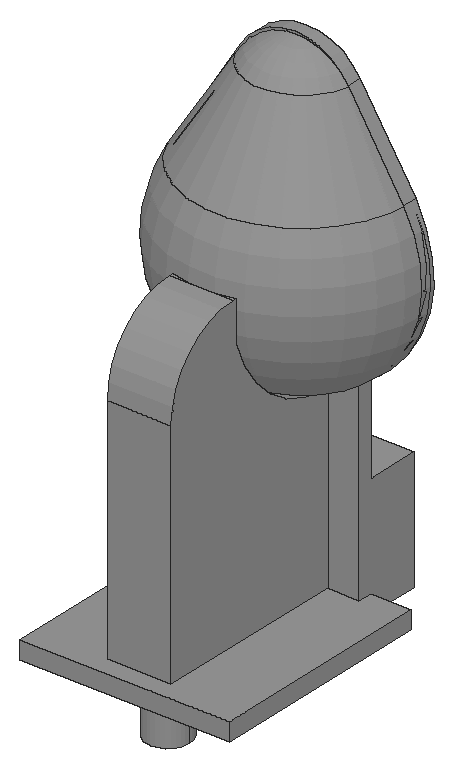
Revit family "Toilet-Willoughby-ETWS-1490-OF-BS", category Plumbing Fixtures, Revit 2015
Parameters (values of type "Standard")
  Waste DIA = 2 3/8"
  Waste Connection = yes
  W-RAD [instance] = Waste DIA / 2  # 0' - 1 3/16"
  URL = "https://www.willoughby-ind.com/wp-content/uploads/2017/12/ETWS-1490-OF.pdf"
  Type Comments = ""
  Revision = "A"
  Model = "ETWS-1490-OF-BS"
  Manufacturer = "Willoughby Industries"
  Flush inlet DIA = 1 1/2"
  Flush Inlet Connection = yes
  Fixture Body = Stainless Steel AISI 304-Willoughby
  F-RAD [instance] = Flush inlet DIA / 2  # 0' - 0 3/4"
  Description = "Off Floor Mounted Siphon Jet Flush Toilet, Back Spud"
  Default Elevation = 0' - 0"
  Contact Number = "(800) 428-4065"
  CW Connection = yes
Reference planes (in)
  plane 1 "Base": y = -16.25
  plane 2: z = 0
  plane 3 "Center": x = 18.31072
  plane 4 "Seat HGT": y = -1.25
  plane 5: z = -6.75
  plane 6: y = -2.125
  plane 7 "Flush HGT": y = 0.5
  plane 8: x = 16.56072
  plane 9: x = 20.06072
  plane 10: y = -13.75
  plane 11 "Waste HGT": y = -10.75
Forms (in)
  Extrusion 1, solid, material "Stainless Steel AISI 304-Willoughby" <- "Fixture Body"
    sketch origin (16.08109, 7.47968, -5.1422) x (-1, 0, 0) y (0, 0, -1)
      loop
        line (1.29775, -16.80087) -> (1.29775, -6.1422) -> (-5.72963, -6.1422) -> (-5.72963, -16.81676)
        arc (-5.72963, -16.81676) -> (-8.98136, -21.11843) -> (-8.21015, -26.45542) r 7
        line (-8.21015, -26.45542) -> (-5.16818, -31.31054)
        arc (-5.16818, -31.31054) -> (-2.20225, -32.95225) -> (0.76368, -31.31054) r 3.5
        line (0.76368, -31.31054) -> (3.80565, -26.45542)
        arc (3.80565, -26.45542) -> (4.5729, -21.10311) -> (1.29775, -16.80087) r 7
      loop
        arc (2.03989, -24.70557) -> (-2.20225, -18.23804) -> (-6.44438, -24.70557) r 4.625
        line (-6.44438, -24.70557) -> (-4.04125, -30.23842)
        arc (-4.04125, -30.23842) -> (-2.20225, -31.45225) -> (-0.36324, -30.23842) r 2
        line (-0.36324, -30.23842) -> (2.03989, -24.70557)
    from 8.72968 to 9.5
  Revolve 2, solid, material "Stainless Steel AISI 304-Willoughby" <- "Fixture Body"
    sketch origin (19.37246, -1.52032, -1.93826) x (-1, 0, 0) y (0, 0, -1)
      loop
        line (1.06174, -12.59906) -> (1.06174, -12.84906)
        arc (1.06174, -12.84906) -> (6.96784, -16.33096) -> (6.78077, -23.18447) r 6.75
        line (6.78077, -23.18447) -> (3.81535, -27.91457)
        arc (3.81535, -27.91457) -> (2.63527, -29.03194) -> (1.06174, -29.43826) r 3.25
        line (1.06174, -29.43826) -> (1.06174, -29.68826)
        arc (1.06174, -29.68826) -> (2.75672, -29.25045) -> (4.02767, -28.04656) r 3.5
        line (4.02767, -28.04656) -> (7.06964, -23.19143)
        arc (7.06964, -23.19143) -> (7.15052, -16.14555) -> (1.06174, -12.59906) r 7
      axis (1.06174, -12.59906) -> (1.06174, -29.68826)
    angle from 0 to -180
  Extrusion 3, solid, material "Stainless Steel AISI 304-Willoughby" <- "Fixture Body"
    sketch origin (19.53334, -3.02032, -2.9508) x (0, 1, 0) y (0, 0, 1)
      loop
        line (-5.27082, 3.9508) -> (1, 3.9508) -> (1, 13.76086)
        arc (1, 13.76086) -> (-2.93256, 15.26109) -> (-5.27082, 18.76086) r 6.92744
        line (-5.27082, 18.76086) -> (-5.27082, 3.9508)
    from 0.52738 to -2.97262
  Extrusion 4, solid, material "Stainless Steel AISI 304-Willoughby" <- "Fixture Body"
    sketch origin (17.03334, 24.08792, -2.30581) x (0, 1, 0) y (0, 0, 1)
      loop
        line (-32.37906, 3.30581) -> (-32.37906, 20.30581) -> (-32.56217, 20.30581)
        arc (-32.56217, 20.30581) -> (-35.58558, 19.05347) -> (-36.83792, 16.03006) r 4.27575
        line (-36.83792, 16.03006) -> (-36.83792, 3.30581) -> (-32.37906, 3.30581)
    from -0.47262 to 3.02738
  Extrusion 5, solid, material "Stainless Steel AISI 304-Willoughby" <- "Fixture Body"
    sketch origin (0, 14.59309, 0) x (1, 0, 0) y (0, 1, 0)
      loop
        circle (18.31072, -25.34309) r 1.1875
    from 1 to -3
  Extrusion 6, solid, material "Stainless Steel AISI 304-Willoughby" <- "Fixture Body"
    sketch origin (18.31072, 0, 0) x (0, 1, 0) y (0, 0, 1)
      loop
        line (-1.25, 0) -> (1.75, 0) -> (1.75, 6.6875) -> (-1.25, 6.6875) -> (-1.25, 0)
    from -3.52738 to 3.5
  Extrusion 7, solid, material "Stainless Steel AISI 304-Willoughby" <- "Fixture Body"
    sketch origin (0, 0, 0) x (1, 0, 0) y (0, 1, 0)
      loop
        circle (18.31072, 0.5) r 0.75
    from 2.21942 to 0
  Extrusion 8, solid, material "Stainless Steel AISI 304-Willoughby" <- "Fixture Body"
    sketch origin (0, -16.25, 0) x (1, 0, 0) y (0, 0, 1)
      loop
        line (24.06072, 0) -> (24.06072, 1) -> (12.56072, 1) -> (12.56072, 0) -> (24.06072, 0)
    from -15 to -2.5
Cuts and joins
  joined: Extrusion 1, Extrusion 3, Extrusion 4, Extrusion 6, Extrusion 8
Lines and regions (in)
  symbolic lines
    curve 1: line (11.28334, -2.02032, 0) -> (11.28334, -1.25, 0)
    curve 2: line (11.28334, -1.25, 0) -> (25.28334, -1.25, 0)
    curve 3: line (25.28334, -1.25, 0) -> (25.28334, -2.02032, 0)
    curve 4: arc (25.28334, -2.02032, 0) -> (23.08443, -6.64443, 0) -> (18.31072, -8.49626, 0) r 6.92939
    curve 5: arc (18.31072, -8.49626, 0) -> (13.54821, -6.61345, 0) -> (11.28334, -2.02032, 0) r 7.11582
    curve 6: line (14.78334, -1.25, 0) -> (14.78334, 1.75, 0)
    curve 7: line (14.78334, 1.75, 0) -> (21.81072, 1.75, 0)
    curve 8: line (21.81072, 1.75, 0) -> (21.81072, -1.25, 0)
    curve 9: line (20.06072, -8.28677, 0) -> (20.06072, -12.75, 0)
    curve 10: line (20.06072, -12.75, 0) -> (16.56072, -12.75, 0)
    curve 11: line (16.56072, -12.75, 0) -> (16.56072, -8.26256, 0)
    curve 12: line (24.06072, -5.51911, 0) -> (24.06072, -13.75, 0)
    curve 13: line (24.06072, -13.75, 0) -> (12.56072, -13.75, 0)
    curve 14: line (12.56072, -13.75, 0) -> (12.56072, -5.48959, 0)
    curve 15: line (21.81072, -16.25, 6.6875) -> (14.78334, -16.25, 6.6875)
    curve 16: line (14.78334, -16.25, 6.6875) -> (14.78334, -16.25, 1)
    curve 17: line (14.78334, -16.25, 1) -> (12.56072, -16.25, 1)
    curve 18: line (12.56072, -16.25, 1) -> (12.56072, -16.25, 0)
    curve 19: line (12.56072, -16.25, 0) -> (24.06072, -16.25, 0)
    curve 20: line (24.06072, -16.25, 0) -> (24.06072, -16.25, 1)
    curve 21: line (24.06072, -16.25, 1) -> (21.81072, -16.25, 1)
    curve 22: line (21.81072, -16.25, 1) -> (21.81072, -16.25, 0)
    curve 23: line (14.78334, -16.25, 1) -> (14.78334, -16.25, 0)
    curve 25: line (21.81072, -16.25, 1) -> (21.81072, -16.25, 11.67456)
    curve 26: line (14.78334, -16.25, 6.6875) -> (14.78334, -16.25, 11.65867)
    curve 27: arc (21.81072, -16.25, 11.67456) -> (25.06245, -16.25, 15.97624) -> (24.29124, -16.25, 21.31322) r 7
    curve 28: line (24.29124, -16.25, 21.31322) -> (21.24927, -16.25, 26.16835)
    curve 29: arc (21.24927, -16.25, 26.16835) -> (19.98923, -16.25, 27.34792) -> (18.31072, -16.25, 27.75) r 3.37397
    curve 30: arc (18.31072, -16.25, 27.75) -> (16.62783, -16.25, 27.31163) -> (15.31741, -16.25, 26.16835) r 3.79331
    curve 31: line (15.31741, -16.25, 26.16835) -> (12.35249, -16.25, 21.43905)
    curve 32: arc (12.27544, -16.25, 21.31322) -> (11.50819, -16.25, 15.96091) -> (14.78334, -16.25, 11.65867) r 7
    curve 37: line (18.31072, -13.75, 0) -> (18.31072, -1.25, 0)
    curve 38: line (18.31072, -1.25, 0) -> (18.31072, -1.25, 1)
    curve 39: line (18.31072, -1.25, 1) -> (18.31072, -13.75, 1)
    curve 40: line (18.31072, -1.25, 0) -> (18.31072, 1.75, 0)
    curve 41: line (18.31072, 1.75, 0) -> (18.31072, 1.75, 6.6875)
    curve 42: line (18.31072, 1.75, 6.6875) -> (18.31072, -1.25, 6.6875)
    curve 43: line (18.31072, -1.25, 6.6875) -> (18.31072, -1.25, 27.81005)
    curve 44: line (18.31072, -1.25, 27.81005) -> (18.31072, -2.02032, 27.81005)
    curve 45: arc (18.31072, -2.02032, 27.81005) -> (18.31072, -3.45125, 27.19578) -> (18.31072, -4.51788, 26.06124) r 3.81789
    curve 46: line (18.31072, -4.51788, 26.06124) -> (18.31072, -7.52822, 21.25317)
    curve 47: arc (18.31072, -7.52822, 21.25317) -> (18.31072, -8.24041, 19.69228) -> (18.31072, -8.52289, 18) r 6.5507
    curve 48: line (18.31072, -8.29114, 18) -> (18.31072, -8.52289, 18)
    curve 49: arc (18.31072, -8.52289, 18) -> (18.31072, -11.51191, 16.76191) -> (18.31072, -12.75, 13.77289) r 4.22711
    curve 50: line (18.31072, -12.75, 13.77289) -> (18.31072, -12.75, 1)
    curve 51: line (18.31072, -1.25, 11.65867) -> (18.31072, -2, 11.65867)
    curve 52: line (18.31072, -2, 11.65867) -> (18.31072, -2, 1)
    curve 53: arc (18.31072, -2, 10.80895) -> (18.31072, -5.94493, 12.30395) -> (18.31072, -8.29114, 15.81005) r 6.92744
    curve 54: line (18.31072, -8.29114, 15.81005) -> (18.31072, -8.29114, 18)
  symbolic lines, detail levels medium+fine
    curve 24: line (21.81072, -16.25, 6.6875) -> (14.78334, -16.25, 6.6875)
  symbolic lines, detail levels fine
    curve 33: arc (14.0412, -16.25, 19.56337) -> (18.28334, -16.25, 13.09585) -> (22.52547, -16.25, 19.56337) r 4.625
    curve 34: line (22.52547, -16.25, 19.56337) -> (20.12234, -16.25, 25.09622)
    curve 35: arc (20.12234, -16.25, 25.09622) -> (18.28334, -16.25, 26.30245) -> (16.44433, -16.25, 25.09622) r 2.00498
    curve 36: line (16.44433, -16.25, 25.09622) -> (14.0412, -16.25, 19.56337)
Dimensions and locks (in)
  plane 1 "Base" to plane 4 "Seat HGT" = 1' - 3"
  plane 1 "Base" to plane 11 "Waste HGT" = 0' - 5 1/2"
  plane 11 "Waste HGT" to plane 10 = 0' - 3"
  plane 4 "Seat HGT" to plane 10 = 1' - 0 1/2"
  cut or joined group of Extrusion 1, Extrusion 3, Extrusion 4, Extrusion 6, Extrusion 8 to cut or joined group of Extrusion 1, Extrusion 3, Extrusion 4, Extrusion 6, Extrusion 8 = 0' - 11 1/2"
  "W-RAD": radius of Extrusion 5 sketch curve
  "F-RAD": radius of Extrusion 7 sketch curve
  aligned and locked: plane 3 "Center" to Extrusion 5 sketch curve
  aligned and locked: plane 7 "Flush HGT" to Extrusion 7 sketch curve
  aligned and locked: plane 3 "Center" to Extrusion 7 sketch curve
  aligned and locked: plane 11 "Waste HGT" to Extrusion 5 sketch curve
  aligned and locked: cut or joined group of Extrusion 1, Extrusion 3, Extrusion 4, Extrusion 6, Extrusion 8 to cut or joined group of Extrusion 1, Extrusion 3, Extrusion 4, Extrusion 6, Extrusion 8  (x2)
  aligned and locked: cut or joined group of Extrusion 1, Extrusion 3, Extrusion 4, Extrusion 6, Extrusion 8 to level
Automatic sketch dimensions
  Extrusion 1 sketch curve to Extrusion 1 sketch curve = 0' - 0"  (x8)
  level to Extrusion 1 sketch curve = 0' - 1"
  plane 3 "Center" to Extrusion 1 sketch curve = 0' - 5.98052"
  Extrusion 1 sketch curve to Extrusion 1 sketch curve = 0' - 1.76576"  (x2)
  plane 3 "Center" to Extrusion 1 sketch curve = 0' - 3 1/2"
  plane 3 "Center" to Extrusion 1 sketch curve = 0' - 2.93855"
  Extrusion 1 sketch curve to Extrusion 1 sketch curve = 0' - 1.12693"  (x2)
  Extrusion 1 sketch curve to plane 3 "Center" = 0' - 0.02738"  (x2)
  Extrusion 1 sketch curve to plane 3 "Center" = 0' - 1.86639"
  Extrusion 1 sketch curve to plane 3 "Center" = 0' - 3.52738"
  Extrusion 1 sketch curve to plane 3 "Center" = 0' - 4 69/256"
  Extrusion 1 sketch curve to Extrusion 1 sketch curve = 0' - 10.65867"
  Extrusion 1 sketch curve to Extrusion 1 sketch curve = 0' - 0.01589"
  Extrusion 1 sketch curve to Extrusion 1 sketch curve = 0' - 6.06218"
  Extrusion 1 sketch curve to Extrusion 1 sketch curve = 0' - 1.74985"
  Extrusion 1 sketch curve to Extrusion 1 sketch curve = 0' - 4.74668"
  Extrusion 1 sketch curve to Extrusion 1 sketch curve = 0' - 0.78617"
  Extrusion 1 sketch curve to Extrusion 1 sketch curve = 0' - 1.07212"
  Revolve 2 sketch curve to Revolve 2 sketch curve = 0' - 0"  (x2)
  Revolve 2 sketch curve to plane 3 "Center" = 0' - 0"  (x3)
  plane 3 "Center" to Revolve 2 sketch curve = 0' - 0"
  Revolve 2 sketch curve to plane 3 "Center" = 0' - 2.75361"
  Revolve 2 sketch curve to Revolve 2 sketch curve = 0' - 0.21232"
  Revolve 2 sketch curve to Revolve 2 sketch curve = 0' - 2.96542"
  Revolve 2 sketch curve to Revolve 2 sketch curve = 0' - 0.28887"
  level to Revolve 2 sketch curve = 2' - 3 3/4"
  Revolve 2 sketch curve to Revolve 2 sketch curve = 0' - 0 1/4"
  Revolve 2 sketch curve to Revolve 2 sketch curve = 0' - 1.3917"
  Revolve 2 sketch curve to Revolve 2 sketch curve = 0' - 0.13199"
  Revolve 2 sketch curve to Revolve 2 sketch curve = 0' - 4.85513"
  Revolve 2 sketch curve to Revolve 2 sketch curve = 0' - 0.00696"
  Revolve 2 sketch curve to Revolve 2 sketch curve = 0' - 3 1/4"
  Revolve 2 sketch curve to Revolve 2 sketch curve = 0' - 3.3392"
  Revolve 2 sketch curve to Revolve 2 sketch curve = 0' - 2.4108"
  level to Extrusion 3 sketch curve = 0' - 1"
  plane 6 to Extrusion 3 sketch curve = 0' - 0.10468"
  plane 4 "Seat HGT" to Extrusion 3 sketch curve = 0' - 0.38413"
  Extrusion 3 sketch curve to Extrusion 3 sketch curve = 0' - 9.81005"
  Extrusion 3 sketch curve to Extrusion 3 sketch curve = 0' - 5"
  level to Extrusion 4 sketch curve = 0' - 1"
  Extrusion 4 sketch curve to Extrusion 4 sketch curve = 0' - 0.18311"
  Extrusion 4 sketch curve to Extrusion 4 sketch curve = 1' - 0.72425"
  Extrusion 6 sketch curve to level = 0' - 0"
  Extrusion 6 sketch curve to plane 4 "Seat HGT" = 0' - 0"
  Extrusion 6 sketch curve to plane 7 "Flush HGT" = 0' - 1 1/4"
  level to Extrusion 6 sketch curve = 0' - 6 11/16"
  Extrusion 8 sketch curve to level = 0' - 0"
  level to Extrusion 8 sketch curve = 0' - 1"
  Extrusion 4 sketch curve to plane 1 "Base" = 0' - 3 1/2"
  Extrusion 4 sketch curve to plane 1 "Base" = 0' - 7.77575"
  Extrusion 8 sketch curve to plane 8 = 0' - 4"
  plane 9 to Extrusion 8 sketch curve = 0' - 4"
  Extrusion 3 sketch curve to Extrusion 3 sketch curve = 0' - 6.27082"
  plane 4 "Seat HGT" to curve 1 = 0' - 0"
  curve 14 to plane 10 = 0' - 0"
  curve 11 to plane 8 = 0' - 0"
  curve 5 to plane 3 "Center" = 0' - 0"
  curve 4 to plane 3 "Center" = 0' - 0"
  curve 10 to plane 9 = 0' - 0"
  curve 7 to plane 8 = 0' - 1.77738"
  plane 6 to curve 1 = 0' - 0.10468"
  curve 1 to curve 6 = 0' - 3 1/2"
  plane 3 "Center" to curve 4 = 0' - 0.05807"
  plane 3 "Center" to curve 5 = 0' - 0.05963"
  plane 9 to curve 8 = 0' - 1 3/4"
  plane 9 to curve 12 = 0' - 4"
  curve 8 to curve 3 = 0' - 3.47262"
  plane 10 to curve 10 = 0' - 1"
  plane 4 "Seat HGT" to curve 3 = 0' - 0.77032"
  curve 7 to plane 7 "Flush HGT" = 0' - 1 1/4"
  curve 14 to plane 6 = 0' - 3.36459"
  curve 27 to curve 32 = 0' - 0"  (x2)
  curve 27 to curve 33 = 0' - 0"  (x2)
  curve 19 to level = 0' - 0"
  curve 29 to plane 3 "Center" = 0' - 0"
  curve 30 to plane 3 "Center" = 0' - 0"
  curve 33 to plane 3 "Center" = 0' - 0.02738"
  curve 35 to plane 3 "Center" = 0' - 0.02738"
  curve 31 to plane 8 = 0' - 1.24331"
  curve 17 to plane 8 = 0' - 1.77738"
  level to curve 18 = 0' - 1"
  curve 18 to curve 16 = 0' - 2.22262"
  plane 3 "Center" to curve 29 = 0' - 0.07942"
  plane 3 "Center" to curve 30 = 0' - 0.08929"
  plane 9 to curve 34 = 0' - 0.06162"
  plane 9 to curve 28 = 0' - 1.18855"
  plane 9 to curve 25 = 0' - 1 3/4"
  plane 9 to curve 24 = 0' - 1 3/4"
  plane 9 to curve 34 = 0' - 2.46475"
  curve 22 to curve 19 = 0' - 2 1/4"
  curve 33 to curve 28 = 0' - 1.76576"
  level to curve 21 = 0' - 1"
  curve 16 to curve 15 = 0' - 5 11/16"
  curve 15 to curve 26 = 0' - 4.97117"
  curve 15 to curve 25 = 0' - 4.98706"
  curve 25 to curve 27 = 0' - 6.04629"
  curve 34 to curve 28 = 0' - 1.74985"
  curve 33 to curve 30 = 0' - 4.39436"
  curve 30 to curve 35 = 0' - 0.33974"
  curve 35 to curve 29 = 0' - 0.07949"
  curve 34 to curve 28 = 0' - 1.07212"
  curve 36 to plane 8 = 0' - 0.11639"
  curve 33 to plane 8 = 0' - 2 133/256"
  curve 31 to curve 33 = 0' - 1.68871"
  curve 32 to curve 31 = 0' - 0.07705"
  curve 32 to curve 31 = 0' - 0.12583"
  curve 39 to plane 10 = 0' - 0"
  curve 37 to level = 0' - 0"
  curve 37 to plane 10 = 0' - 0"
  curve 43 to plane 4 "Seat HGT" = 0' - 0"
  curve 40 to plane 4 "Seat HGT" = 0' - 0"
  plane 10 to curve 50 = 0' - 1"
  curve 48 to plane 11 "Waste HGT" = 0' - 2.22711"
  curve 46 to plane 11 "Waste HGT" = 0' - 3.22178"
  curve 46 to plane 6 = 0' - 2.39288"
  plane 6 to curve 44 = 0' - 0.10468"
  plane 6 to curve 51 = 0' - 0 1/8"
  plane 6 to curve 47 = 0' - 0.14901"
  curve 47 to curve 53 = 0' - 0.34186"
  plane 4 "Seat HGT" to curve 45 = 0' - 0.0114"
  curve 41 to plane 7 "Flush HGT" = 0' - 1 1/4"
  level to curve 38 = 0' - 1"
  curve 38 to curve 43 = 0' - 5 11/16"
  curve 42 to curve 51 = 0' - 4.97117"
  curve 51 to curve 50 = 0' - 2.11422"
  curve 51 to curve 53 = 0' - 6.06805"
  curve 53 to curve 47 = 0' - 0.05019"
  curve 47 to curve 45 = 0' - 6.29145"
  curve 45 to curve 46 = 0' - 1.99289"
  curve 49 to curve 48 = 0' - 0.23175"
  curve 53 to curve 51 = 0' - 0.84972"
Connectors (in)
  piping at (18.31072, -10.75, -3), diameter 2.375, driven by "W-RAD", driven by "Waste Connection"
    settings: on Extrusion 5, index 1, connector inside diameter 2 1/2", connector length 0' - 0", flow factor 0, pipe flow 0 GPM, pressure drop 0.00 psi, fitting loss kfactor 0, connector angle 0.00°, fixture units 0, engagement length 0' - 0", angle of deflection 0.00°, flow configuration 0, flow direction 2, fitting loss method 0, system type 16, joint type 0, gender type 0, connector reference index -1, connector utility 1, adjustable connector yes, is connector primary yes, connector description "Toilet Waste"
  piping at (18.31072, 0.5, 0), diameter 1.5, driven by "F-RAD", driven by "Flush Inlet Connection"
    settings: on Extrusion 7, index 2, connector inside diameter 1 1/2", connector length 0' - 0", flow factor 0, pipe flow 0 GPM, pressure drop 0.00 psi, fitting loss kfactor 0, connector angle 0.00°, fixture units 0, engagement length 0' - 0", angle of deflection 0.00°, flow configuration 0, flow direction 1, fitting loss method 0, system type 20, joint type 0, gender type 0, connector reference index -1, connector utility 1, adjustable connector no, is connector primary no, connector description "Flush Inlet"
